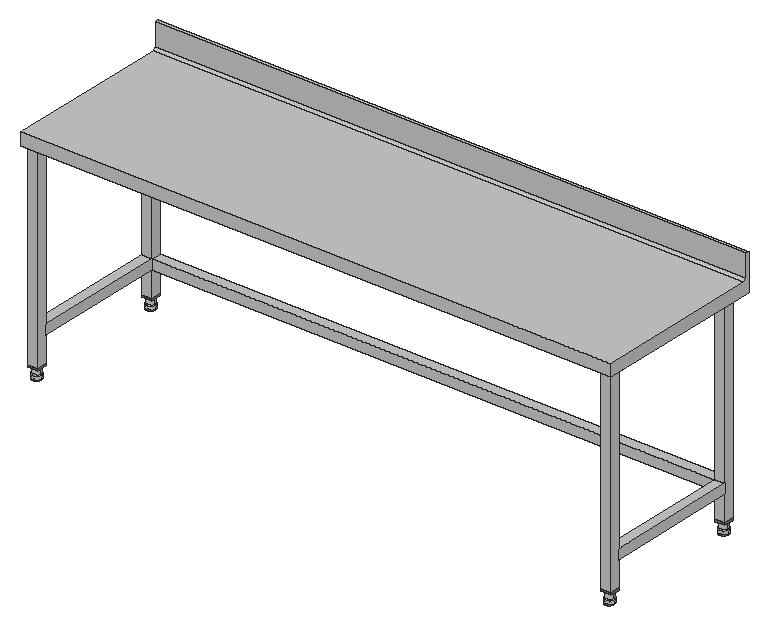
Revit family "QF_ZANUSSI_133238_TG2400UN", category Attrezzature speciali, Revit 2020
Family settings
  Quota connettore circolare = Usa diametro
  Tipo di parte = Normale
  Basato su piano di lavoro = No
  Sempre verticale = Sì
  Taglio con vuoti quando caricato = No
  Condiviso = No
  Punto di calcolo locali = No
Parameters (values of type "Standard")
  Weight = 84.00 kg
  Watts = 0 W
  Volts = 0 V
  URL Manufacturer = "http://www.zanussiprofessional.com"
  URL = "http://www.zanussiprofessional.com"
  Steam Supply Size = 0 mm
  Steam Supply Minimum Pressure = 0.0 Pa
  Steam Supply Maximum Pressure = 0.0 Pa
  Steam Consumption per Hour = 0
  Refrigeration Suction Line Size = 0.0 mm
  Refrigeration Liquid Line Size = 0.0 mm
  Refrigerant Compressor Remote = yes
  Prospetto di default = 0.0 mm
  Produttore = "Zanussi"
  Phase = 0
  Modello = "TG2400UN"
  Length Actual = 2400.0 mm  # constant formula
  Item Number = "133238"
  Hot Water Size = 0 mm
  Height Actual = 1000.0 mm  # constant formula
  HP = "0 HP"
  Gas Size = 0 mm
  Gas KW = 0
  Gas Input Pressure = 0 W
  Direct Waste Size = 0 mm
  Descrizione = "WORK TABLE WITH UPSTAND 2400 MM+UNDERFRAME"
  Depth Actual = 700.0 mm  # constant formula
  Cycle = 0 Hz
  Condensate Return Size = 0 mm
  Compressed Air Volume = 0.0 L/s
  Compressed Air Size = 0 mm
  Compressed Air Pressure = 0.0 Pa
  Cold Water Size = 0 mm
  Accessory = yes
Reference planes
  plane 1 "Center (Front/Back)": y = 0
  plane 2: z = 0
  plane 3 "Center (Left/Right)": x = -700
  plane 4 "LEFT": x = -1900
  plane 5 "RIGHT": x = 500
  plane 6 "BACK": y = 350
  plane 7 "FRONT": y = -350
  plane 8 "Base": z = 850
  plane 9 "TOP": z = 900
  plane 10: x = -1864.5
  plane 11: x = 464.5
  plane 12: y = 269.5
  plane 13: y = -310.5
Forms (mm)
  Extrusion 1, solid, material "QF_Finishes_Stainless Steel"
    sketch origin (-700, 0, 0) x (0, 1, 0) y (0, 0, 1)
      loop
        line (-350, 850) -> (350, 850) -> (350, 1000) -> (337, 1000) -> (337, 910)
        arc (337, 910) -> (334.071, 902.929) -> (327, 900) r 10
        line (327, 900) -> (-350, 900) -> (-350, 850)
    from 1200 to -1200
  Extrusion 2, solid, material "QF_Finishes_Stainless Steel"
    sketch origin (-700, 0, 0) x (0, 1, 0) y (0, 0, 1)
      loop
        line (249.5, 195) -> (249.5, 155) -> (289.5, 155) -> (289.5, 195) -> (249.5, 195)
    from 1144.5 to -1144.5
  Extrusion 3, solid, material "QF_Finishes_Stainless Steel"
    sketch origin (0, 0, 0) x (1, 0, 0) y (0, 0, 1)
      loop
        line (-1844.5, 195) -> (-1884.5, 195) -> (-1884.5, 155) -> (-1844.5, 155) -> (-1844.5, 195)
      loop
        line (484.5, 195) -> (444.5, 195) -> (444.5, 155) -> (484.5, 155) -> (484.5, 195)
    from 290.5 to -249.5
Lines and regions (mm)
  symbolic lines
    curve 1: line (500, 350, 900) -> (-1900, 350, 900)
    curve 2: line (-1900, 350, 900) -> (-1900, -350, 900)
    curve 3: line (-1900, -350, 900) -> (500, -350, 900)
    curve 4: line (500, -350, 900) -> (500, 350, 900)
    curve 5: line (500, 337, 900) -> (-1900, 337, 900)
Dimensions and locks
  plane 4 "LEFT" to plane 5 "RIGHT" = 2400.0 mm
  equal spacing: plane 4 "LEFT", plane 3 "Center (Left/Right)", plane 5 "RIGHT"
  locked: plane 8 "Base" to level at 850
  plane 4 "LEFT" to plane 10 = 35.5 mm
  plane 11 to plane 5 "RIGHT" = 35.5 mm
  plane 10 to plane 11 = 2329.0 mm
  locked: Extrusion 1 to level at 1000
  plane 9 "TOP" to level = 900.0 mm
  plane 6 "BACK" to plane 12 = 80.5 mm
  plane 13 to plane 7 "FRONT" = 39.5 mm
  plane 6 "BACK" to plane 7 "FRONT" = 700.0 mm
  plane 12 to plane 13 = 580.0 mm
  equal spacing: plane 6 "BACK", plane 1 "Center (Front/Back)", plane 7 "FRONT"
  aligned and locked: level to plane 2
  aligned and locked: plane 11 to nested 2
  aligned and locked: nested 2 to plane 12
  aligned and locked: plane 10 to nested 1
  aligned and locked: nested 1 to plane 12
  aligned and locked: Extrusion 1 to plane 4 "LEFT"
  aligned and locked: plane 5 "RIGHT" to Extrusion 1
  aligned and locked: curve 2 to plane 4 "LEFT"
  aligned and locked: Extrusion 3 to nested 1
  aligned and locked: nested 4 to nested 3
  aligned and locked: plane 10 to nested 4
Automatic sketch dimensions
  curve 3 to plane 7 "FRONT" = 0.0 mm
  curve 5 to plane 5 "RIGHT" = 0.0 mm
  curve 4 to plane 6 "BACK" = 0.0 mm
  curve 5 to plane 6 "BACK" = 13.0 mm
  Extrusion 1 sketch curve to plane 7 "FRONT" = 0.0 mm
  Extrusion 1 sketch curve to plane 9 "TOP" = 0.0 mm
  Extrusion 1 sketch curve to plane 6 "BACK" = 0.0 mm
  Extrusion 1 sketch curve to plane 8 "Base" = 0.0 mm
  plane 9 "TOP" to Extrusion 1 sketch curve = 10.0 mm
  Extrusion 1 sketch curve to plane 6 "BACK" = 23.0 mm
  Extrusion 1 sketch curve to Extrusion 1 sketch curve = 90.0 mm
  Extrusion 2 sketch curve to plane 12 = 20.0 mm
  plane 12 to Extrusion 2 sketch curve = 20.0 mm
  level to Extrusion 2 sketch curve = 155.0 mm
  Extrusion 2 sketch curve to Extrusion 2 sketch curve = 40.0 mm
  plane 4 "LEFT" to Extrusion 3 sketch curve = 15.5 mm
  plane 10 to Extrusion 3 sketch curve = 20.0 mm
  Extrusion 3 sketch curve to plane 11 = 20.0 mm
  Extrusion 3 sketch curve to plane 5 "RIGHT" = 15.5 mm
  level to Extrusion 3 sketch curve = 155.0 mm  (x2)
  Extrusion 3 sketch curve to Extrusion 3 sketch curve = 40.0 mm  (x2)
Nested families
  nested 1: "FEET_40x40_APP42" at (-1864.5, 269.5, 0), type "FEET_40x40_APP42"
  nested 2: "FEET_40x40_APP42" at (464.5, 269.5, 0), type "FEET_40x40_APP42"
  nested 3: "FEET_40x40_APP42" at (464.5, -310.5, 0), type "FEET_40x40_APP42"
  nested 4: "FEET_40x40_APP42" at (-1864.5, -310.5, 0), type "FEET_40x40_APP42"
Definition of nested family "FEET_40x40_APP42"
  Parameters
    Default Elevation = 0.0 mm
    FEET = 850.0 mm
  Reference planes
    plane 1 "Center (Front/Back)": y = 0
    plane 2: z = 0
    plane 3 "Center (Left/Right)": x = 0
    plane 4: z = 850
  Forms (mm)
    Extrusion 1, solid
      sketch origin (0, 0, 0) x (1, 0, 0) y (0, 1, 0)
        loop
          line (-20, -20) -> (20, -20) -> (20, 20) -> (-20, 20) -> (-20, -20)
      from 50 to 845
    Extrusion 2, solid
      sketch origin (0, 0, 0) x (1, 0, 0) y (0, 1, 0)
        loop
          circle (0, 0) r 20
      from 0 to 5
    Extrusion 3, solid
      sketch origin (0, 0, 0) x (1, 0, 0) y (0, 1, 0)
        loop
          line (30, 30) -> (-30, 30) -> (-30, -30) -> (30, -30) -> (30, 30)
      from 845 to 850
    Extrusion 4, solid
      sketch origin (0, 0, 0) x (1, 0, 0) y (0, 1, 0)
        loop
          line (-20, -20) -> (20, -20) -> (20, 20) -> (-20, 20) -> (-20, -20)
      from 50 to 42
    Revolve 5, solid
      sketch origin (0, 0, 0) x (1, 0, 0) y (0, 0, 1)
        loop
          line (0, 42) -> (-15, 42) -> (-15, 20) -> (-20, 15) -> (-20, 5) -> (0, 5) -> (0, 42)
        axis (0, 42) -> (0, 5)
      angle from 0 to 360
  Lines and regions (mm)
    symbolic lines
      curve 1: line (0, -1.503, 0) -> (0, 1.508, 0)
      curve 2: line (1.561, 0, 0) -> (-1.439, 0, 0)
  Dimensions and locks
    "FEET": plane 4 to plane 2
    aligned and locked: level to plane 2
  Automatic sketch dimensions
    plane 1 "Center (Front/Back)" to curve 2 = 0.0 mm
    curve 1 to plane 3 "Center (Left/Right)" = 0.0 mm
    curve 2 to plane 3 "Center (Left/Right)" = 1.439 mm
    plane 3 "Center (Left/Right)" to curve 2 = 1.561 mm
    plane 1 "Center (Front/Back)" to curve 1 = 1.503 mm
    curve 1 to plane 1 "Center (Front/Back)" = 1.508 mm
    Extrusion 1 sketch curve to plane 3 "Center (Left/Right)" = 20.0 mm
    plane 3 "Center (Left/Right)" to Extrusion 1 sketch curve = 20.0 mm
    plane 1 "Center (Front/Back)" to Extrusion 1 sketch curve = 20.0 mm
    Extrusion 1 sketch curve to plane 1 "Center (Front/Back)" = 20.0 mm
    plane 1 "Center (Front/Back)" to Extrusion 2 sketch curve = 0.0 mm
    Extrusion 2 sketch curve to plane 3 "Center (Left/Right)" = 0.0 mm
    Extrusion 3 sketch curve to plane 3 "Center (Left/Right)" = 30.0 mm
    plane 3 "Center (Left/Right)" to Extrusion 3 sketch curve = 30.0 mm
    plane 1 "Center (Front/Back)" to Extrusion 3 sketch curve = 30.0 mm
    Extrusion 3 sketch curve to plane 1 "Center (Front/Back)" = 30.0 mm
    Extrusion 4 sketch curve to plane 3 "Center (Left/Right)" = 20.0 mm
    plane 3 "Center (Left/Right)" to Extrusion 4 sketch curve = 20.0 mm
    plane 1 "Center (Front/Back)" to Extrusion 4 sketch curve = 20.0 mm
    Extrusion 4 sketch curve to plane 1 "Center (Front/Back)" = 20.0 mm
    Revolve 5 sketch curve to plane 3 "Center (Left/Right)" = 0.0 mm  (x2)
    Revolve 5 sketch curve to plane 3 "Center (Left/Right)" = 15.0 mm
    Revolve 5 sketch curve to Revolve 5 sketch curve = 5.0 mm  (x3)
    level to Revolve 5 sketch curve = 5.0 mm
    Revolve 5 sketch curve to Revolve 5 sketch curve = 10.0 mm
    Revolve 5 sketch curve to Revolve 5 sketch curve = 22.0 mm
    Revolve 5 sketch curve to level = 9.561 mm
    radius of Extrusion 2 sketch curve = 20.0 mm
